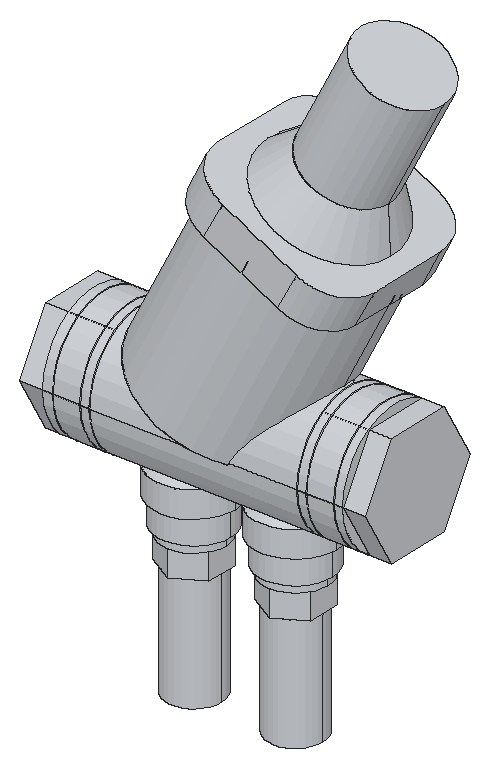
Revit family "Sigma_Compact_DN015_HF_RFA_2018", category Pipe Accessories, Revit 2018
Family settings
  Round Connector Dimension = Use Diameter
  Part Type = Valve - Breaks Into
  Work Plane-Based = No
  Always vertical = Yes
  Cut with Voids When Loaded = No
  Shared = No
Parameters (values of type "Sigma Compact DN 15 HF s měřením")
  magiProductId = "5720d023926c42d59d57912da161fc"
  magiProductFamilyId = "bfb31f54e1b64d079baf8cac8e8d7b"
  magiPartTypeId = 304
  isMeasuringValve [instance] = no
  ang2D [instance] = 0.00°
  Z6 = 26.1 mm
  Z5 = 60.9 mm
  Z4 = 52.2 mm
  Z3 = 8.7 mm
  Z2 = 43.5 mm
  XR2 = 25 mm
  XR1 = 13 mm
  W2D = 15 mm
  VersionID = "2.0/2018.12.13.2/FRESE_SIGMA_PLUG_Q13_001"
  Use Minimum Symbol Size [instance] = no
  URL = "www.hydronic.cz"
  Type Comments = "závitový; vnitřní závit; PN25; max dp=400kPa; -10~+120°C; max uzavírací tlak 1MPa"
  R4 = 15 mm
  R3 = 10 mm
  R2 = 14 mm
  R1 = 19 mm
  QmdConnectorList = "301;D;302;D"
  Productdata [instance] = ""
  NL__ve = -NL  # -15 mm
  NL = 15 mm
  Manufacturer = "Hydronic Systems Prague s.r.o."
  MC Use Limits From Balancing Method = no
  MC Throttling Minimum Value = 0
  MC Throttling Maximum Value = 0
  MC Product Code = "53-2201 DN15 FF s měřením; (60-1080 l/h); kvs=2,6"
  MC Pressure Drop Minimum Value = 0.0 Pa
  MC Pressure Drop Maximum Value = 0.0 Pa
  MC Piping Given Pressure Drop [instance] = 0.0 Pa
  M5 = 32.5 mm
  M4 = 30.5 mm
  M3 = 24.5 mm
  M2 = 22.5 mm
  LP = 37.5 mm
  LM = 45 mm
  LL__ve = -LL  # -5.7 mm
  LLT__ve = -LLT  # -14.9 mm
  LLT = 14.9 mm
  LLL = 11 mm
  LL3 = 41 mm
  LL2 = 32 mm
  LL = 5.7 mm
  L3 = 11 mm
  L2D_Min = 30.48 mm
  L2D = 65 mm
  Description = "Automatický vyvažovací ventil"
  DR1 = no
  DR0 = yes
  DL2 = 66 mm
  D = 15 mm
  CenSd_R2_6 = R2 * cos(30.00°)  # 12.124 mm
  CAT0 = yes
  C0D1 = no
  C0D0 = yes
Types (3, lengths in mm): name | magiProductId | Z6 | Z5 | Z4 | Z3 | Z2 | R2 | NL__ve | NL | MC Product Code | M5 | M4 | M3 | M2 | LP | LM | LL__ve | LLT__ve | LLT | LLL | LL2 | LL | D | CenSd_R2_6
  Sigma Compact DN 15 HF s měřením | "5720d023926c42d59d57912da161fc" | 26.1 | 60.9 | 52.2 | 8.7 | 43.5 | 14 | -15 | 15 | "53-2201 DN15 FF s měřením; (60-1080 l/h); kvs=2,6" | 32.5 | 30.5 | 24.5 | 22.5 | 37.5 | 45 | -5.7 | -14.9 | 14.9 | 11 | 32 | 5.7 | 15 | 12.124
  Sigma Compact DN 20 HF s měřením | "71a172a3e93b42a69d546b1c4edcaf" | 26.1 | 60.9 | 52.2 | 8.7 | 43.5 | 14 | -15.8 | 15.8 | "53-2203 DN20 FF s měřením; (102-1930 l/h); kvs=4,0" | 33.7 | 31.7 | 25.7 | 23.7 | 39.5 | 47.4 | -5.7 | -14.9 | 14.9 | 11 | 32 | 5.7 | 20 | 12.124
  Sigma Compact DN 25 HF s měřením | "e5e5fa70e5f44115b8324bb7a2a437" | 27 | 63 | 54 | 9 | 45 | 18 | -16.6 | 16.6 | "53-2209 DN25 FF s měřením; (137-2400 l/h); kvs=4,2" | 34.9 | 32.9 | 26.9 | 24.9 | 41.5 | 49.8 | -5.9 | -16.3 | 16.3 | 9 | 34 | 5.9 | 25 | 15.588
Reference planes
  plane 1 "Center (Front/Back)": y = 0
  plane 2 "XYPLANE": z = 0
  plane 3 "Center (Left/Right)": x = 0
  plane 4 "408": x = 37.5
  plane 5 "407": x = -37.5
  plane 6 "404": z = -35.3
  plane 7 "403": z = -41
  plane 8 "402": z = -66
  plane 9 "213": x = -11
  plane 10 "168": z = -10.9
  plane 11 "167": z = -12.9
  plane 12 "166": z = -18.6
  plane 13 "165": z = -24.3
  plane 14 "164": z = -26.3
  plane 15 "154": z = 0
  plane 16 "152": y = 0
  plane 17 "151": z = -32
  plane 18 "150": x = 11
  plane 19 "75": through (318.218, 0, 679.605) normal (0.891, 0, -0.454)
  plane 20 "74": x = 32.5
  plane 21 "73": x = 30.5
  plane 22 "72": x = 24.5
  plane 23 "71": x = 22.5
  plane 24 "70": x = -32.5
  plane 25 "69": x = -30.5
  plane 26 "68": x = -24.5
  plane 27 "67": y = 0
  plane 28 "66": through (-666.893, 0, 343.166) normal (0.454, 0, 0.891)
  plane 29 "65": x = -22.5
  plane 30 "64": through (335.147, 0, 670.979) normal (0.891, 0, -0.454)
  plane 31 "63": through (-648.506, 0, 379.252) normal (0.454, 0, 0.891)
  plane 32 "62": through (352.076, 0, 662.353) normal (0.891, 0, -0.454)
  plane 33 "61": y = 19
  plane 34 "60": y = -19
  plane 35 "59": through (-644.557, 0, 387.003) normal (0.454, 0, 0.891)
  plane 36 "58": through (-640.607, 0, 394.755) normal (0.454, 0, 0.891)
  plane 37 "56": x = 0
  plane 38 "55": through (-668.255, 0, 340.493) normal (0.454, 0, 0.891)
  plane 39 "102XY": through (-668.255, 0, 340.493) normal (0.454, 0, 0.891)
  plane 40 "102XZ": y = 0
  plane 41 "102YZ": through (340.493, 0, 668.255) normal (0.891, 0, -0.454)
Forms (mm)
  Extrusion 1, solid
    sketch origin (37.5, -750, 0) x (0, 1, 0) y (0, 0, 1)
      loop
        line (764, 0) -> (757, 12.124) -> (743, 12.124) -> (736, 0) -> (743, -12.124) -> (757, -12.124) -> (764, 0)
    from 0 to -15 <- "NL__ve"
  Extrusion 2, solid
    sketch origin (-37.5, -750, 0) x (0, 1, 0) y (0, 0, 1)
      loop
        line (736, 0) -> (743, -12.124) -> (757, -12.124) -> (764, 0) -> (757, 12.124) -> (743, 12.124) -> (736, 0)
    from 0 to 15 <- "NL"
  Extrusion 3, solid, visible <- "C0D1"
    sketch origin (-750, 0, -66) x (1, 0, 0) y (0, 1, 0)
      loop
        circle (739, 0) r 7
    from 0 to 50
  Extrusion 4, solid, visible <- "DR1"
    sketch origin (-750, 0, -35.3) x (1, 0, 0) y (0, 1, 0)
      loop
        line (739, -8) -> (745.928, -4) -> (745.928, 4) -> (739, 8) -> (732.072, 4) -> (732.072, -4) -> (739, -8)
    from 0 to -5.7 <- "LL__ve"
  Extrusion 5, solid, visible <- "DR1"
    sketch origin (-750, 0, -35.3) x (1, 0, 0) y (0, 1, 0)
      loop
        circle (739, 0) r 8
    from 0 to 11 <- "LLL"
  Extrusion 6, solid, visible <- "DR1"
    sketch origin (-750, 0, -24.3) x (1, 0, 0) y (0, 1, 0)
      loop
        circle (739, 0) r 9
    from 0 to 5.7 <- "LL"
  Extrusion 7, solid, visible <- "DR1"
    sketch origin (-750, 0, -18.6) x (1, 0, 0) y (0, 1, 0)
      loop
        circle (739, 0) r 10
    from 0 to 5.7 <- "LL"
  Blend 8, solid, visible <- "DR1"
    base sketch origin (-750, 0, -10.9) x (1, 0, 0) y (0, 1, 0)
      loop
        circle (739, 0) r 7.5
    top sketch origin (-750, 0, -10.9) x (1, 0, 0) y (0, 1, 0)
      loop
        circle (739, 0) r 10
    from 0 to -2
  Extrusion 9, solid, visible <- "DR1"
    sketch origin (-750, 0, 0) x (1, 0, 0) y (0, 1, 0)
      loop
        circle (739, 0) r 7.5
    from 0 to -14.9 <- "LLT__ve"
  Extrusion 10, solid, visible <- "C0D0"
    sketch origin (-750, 0, -32) x (1, 0, 0) y (0, 1, 0)
      loop
        circle (739, 0) r 6
    from 0 to -25
  Extrusion 11, solid, visible <- "DR0"
    sketch origin (-750, 0, -26.3) x (1, 0, 0) y (0, 1, 0)
      loop
        line (739, -7) -> (745.062, -3.5) -> (745.062, 3.5) -> (739, 7) -> (732.938, 3.5) -> (732.938, -3.5) -> (739, -7)
    from 0 to -5.7 <- "LL__ve"
  Extrusion 12, solid, visible <- "DR0"
    sketch origin (-750, 0, -26.3) x (1, 0, 0) y (0, 1, 0)
      loop
        circle (739, 0) r 7
    from 0 to 2
  Extrusion 13, solid, visible <- "DR0"
    sketch origin (-750, 0, -18.6) x (1, 0, 0) y (0, 1, 0)
      loop
        circle (739, 0) r 9
    from 0 to 5.7 <- "LL"
  Blend 14, solid, visible <- "DR0"
    base sketch origin (-750, 0, -10.9) x (1, 0, 0) y (0, 1, 0)
      loop
        circle (739, 0) r 6.5
    top sketch origin (-750, 0, -10.9) x (1, 0, 0) y (0, 1, 0)
      loop
        circle (739, 0) r 9
    from 0 to -2
  Extrusion 15, solid, visible <- "DR0"
    sketch origin (-750, 0, 0) x (1, 0, 0) y (0, 1, 0)
      loop
        circle (739, 0) r 6.5
    from 0 to -14.9 <- "LLT__ve"
  Extrusion 16, solid, visible <- "DR0"
    sketch origin (-750, 0, 0) x (1, 0, 0) y (0, 1, 0)
      loop
        circle (739, 0) r 6.5
    from 0 to -14.9 <- "LLT__ve"
  Blend 17, solid, visible <- "DR0"
    base sketch origin (-750, 0, -10.9) x (1, 0, 0) y (0, 1, 0)
      loop
        circle (739, 0) r 6.5
    top sketch origin (-750, 0, -10.9) x (1, 0, 0) y (0, 1, 0)
      loop
        circle (739, 0) r 9
    from 0 to -2
  Extrusion 18, solid, visible <- "DR0"
    sketch origin (-750, 0, -18.6) x (1, 0, 0) y (0, 1, 0)
      loop
        circle (739, 0) r 9
    from 0 to 5.7 <- "LL"
  Extrusion 19, solid, visible <- "DR0"
    sketch origin (-750, 0, -24.3) x (1, 0, 0) y (0, 1, 0)
      loop
        circle (739, 0) r 8
    from 0 to 5.7 <- "LL"
  Extrusion 20, solid, visible <- "DR0"
    sketch origin (-750, 0, -26.3) x (1, 0, 0) y (0, 1, 0)
      loop
        circle (739, 0) r 7
    from 0 to 2
  Extrusion 21, solid, visible <- "DR0"
    sketch origin (-750, 0, -26.3) x (1, 0, 0) y (0, 1, 0)
      loop
        line (739, -7) -> (745.062, -3.5) -> (745.062, 3.5) -> (739, 7) -> (732.938, 3.5) -> (732.938, -3.5) -> (739, -7)
    from 0 to -5.7 <- "LL__ve"
  Extrusion 22, solid, visible <- "C0D0"
    sketch origin (-750, 0, -32) x (1, 0, 0) y (0, 1, 0)
      loop
        circle (739, 0) r 6
    from 0 to -25
  Extrusion 23, solid, visible <- "CAT0"
    sketch origin (-750, 0, -32) x (1, 0, 0) y (0, 1, 0)
      loop
        circle (761, 0) r 6
    from 0 to -25
  Extrusion 24, solid
    sketch origin (-750, 0, -26.3) x (1, 0, 0) y (0, 1, 0)
      loop
        line (761, -7) -> (767.062, -3.5) -> (767.062, 3.5) -> (761, 7) -> (754.938, 3.5) -> (754.938, -3.5) -> (761, -7)
    from 0 to -5.7 <- "LL__ve"
  Extrusion 25, solid
    sketch origin (-750, 0, -26.3) x (1, 0, 0) y (0, 1, 0)
      loop
        circle (761, 0) r 7
    from 0 to 2
  Extrusion 26, solid
    sketch origin (-750, 0, -24.3) x (1, 0, 0) y (0, 1, 0)
      loop
        circle (761, 0) r 8
    from 0 to 5.7 <- "LL"
  Extrusion 27, solid
    sketch origin (-750, 0, -18.6) x (1, 0, 0) y (0, 1, 0)
      loop
        circle (761, 0) r 9
    from 0 to 5.7 <- "LL"
  Blend 28, solid
    base sketch origin (-750, 0, -10.9) x (1, 0, 0) y (0, 1, 0)
      loop
        circle (761, 0) r 6.5
    top sketch origin (-750, 0, -10.9) x (1, 0, 0) y (0, 1, 0)
      loop
        circle (761, 0) r 9
    from 0 to -2
  Extrusion 29, solid
    sketch origin (-750, 0, 0) x (1, 0, 0) y (0, 1, 0)
      loop
        circle (761, 0) r 6.5
    from 0 to -14.9 <- "LLT__ve"
  Blend 30, solid, visible <- "CAT0"
    base sketch origin (30.5, -750, 0) x (0, 1, 0) y (0, 0, 1)
      loop
        circle (750, 0) r 14
    top sketch origin (30.5, -750, 0) x (0, 1, 0) y (0, 0, 1)
      loop
        circle (750, 0) r 14
    from 0 to 2
  Extrusion 31, solid, visible <- "CAT0"
    sketch origin (24.5, -750, 0) x (0, 1, 0) y (0, 0, 1)
      loop
        circle (750, 0) r 14
    from 0 to 6
  Blend 32, solid, visible <- "CAT0"
    base sketch origin (22.5, -750, 0) x (0, 1, 0) y (0, 0, 1)
      loop
        circle (750, 0) r 14
    top sketch origin (22.5, -750, 0) x (0, 1, 0) y (0, 0, 1)
      loop
        circle (750, 0) r 14
    from 0 to 2
  Blend 33, solid, visible <- "CAT0"
    base sketch origin (-30.5, -750, 0) x (0, 1, 0) y (0, 0, 1)
      loop
        circle (750, 0) r 14
    top sketch origin (-30.5, -750, 0) x (0, 1, 0) y (0, 0, 1)
      loop
        circle (750, 0) r 14
    from 0 to -2
  Extrusion 34, solid, visible <- "CAT0"
    sketch origin (-30.5, -750, 0) x (0, 1, 0) y (0, 0, 1)
      loop
        circle (750, 0) r 14
    from 0 to 6
  Blend 35, solid, visible <- "CAT0"
    base sketch origin (-24.5, -750, 0) x (0, 1, 0) y (0, 0, 1)
      loop
        circle (750, 0) r 14
    top sketch origin (-24.5, -750, 0) x (0, 1, 0) y (0, 0, 1)
      loop
        circle (750, 0) r 14
    from 0 to 2
  Extrusion 36, solid, visible <- "CAT0"
    sketch origin (-22.5, -750, 0) x (0, 1, 0) y (0, 0, 1)
      loop
        circle (750, 0) r 14
    from 0 to 45 <- "LM"
  Extrusion 37, solid, visible <- "CAT0"
    sketch origin (-666.893, 0, 343.166) x (0.891007, 0, -0.45399) y (0, 1, 0)
      loop
        circle (744, 0) r 19
    from 0 to 43.5 <- "Z2"
  Extrusion 38, solid, visible <- "CAT0"
    sketch origin (-648.506, 0, 379.252) x (0.891007, 0, -0.45399) y (0, 1, 0)
      loop
        arc (735, 19) -> (727.929, 16.071) -> (725, 9) r 10
        line (725, 9) -> (725, -9)
        arc (725, -9) -> (727.929, -16.071) -> (735, -19) r 10
        line (735, -19) -> (753, -19)
        arc (753, -19) -> (760.071, -16.071) -> (763, -9) r 10
        line (763, -9) -> (763, 9)
        arc (763, 9) -> (760.071, 16.071) -> (753, 19) r 10
        line (753, 19) -> (735, 19)
    from 0 to 8.7 <- "Z3"
  Blend 39, solid, visible <- "CAT0"
    base sketch origin (-644.557, 0, 387.003) x (0.891007, 0, -0.45399) y (0, 1, 0)
      loop
        circle (744, 0) r 15
    top sketch origin (-644.557, 0, 387.003) x (0.891007, 0, -0.45399) y (0, 1, 0)
      loop
        circle (744, 0) r 10
    from 0 to 8.7
  Extrusion 40, solid, visible <- "CAT0"
    sketch origin (-640.607, 0, 394.755) x (0.891007, 0, -0.45399) y (0, 1, 0)
      loop
        circle (744, 0) r 10
    from 0 to 26.1 <- "Z6"
  Blend 41, solid, visible <- "CAT0"
    base sketch origin (-668.255, 0, 340.493) x (0.891007, 0, -0.45399) y (0, 1, 0)
      loop
        circle (744, 0) r 15
    top sketch origin (-668.255, 0, 340.493) x (0.891007, 0, -0.45399) y (0, 1, 0)
      loop
        circle (744, 0) r 19
    from 0 to 3
  Extrusion 42, solid, not visible
    sketch origin (-32.5, -750, 0) x (0, 1, 0) y (0, 0, 1)
      loop
        circle (750, 0) r 10
    from 0 to 10
  Extrusion 43, solid, not visible
    sketch origin (32.5, -750, 0) x (0, 1, 0) y (0, 0, 1)
      loop
        circle (750, 0) r 10
    from 0 to -10
Lines and regions (mm)
  reference lines, not visible
    curve 1: circle (2, 2, 0) r 1 normal (0, 0, 1)
  reference lines
    curve 2: line (37.5, 0, 0) -> (37.5, -3.5, 6.062)
    curve 3: line (37.5, 0, 0) -> (37.5, -7, 0)
    curve 4: line (37.5, 0, 0) -> (37.5, -3.5, -6.062)
    curve 5: line (-37.5, 0, 0) -> (-37.5, 3.5, 6.062)
    curve 6: line (-37.5, 0, 0) -> (-37.5, 7, 0)
    curve 7: line (-37.5, 0, 0) -> (-37.5, 3.5, -6.062)
Dimensions and locks
  plane 1 "Center (Front/Back)" to curve 1 = 2 mm
  "LP": plane 37 "56" to plane 4 "408"
  "LP": plane 37 "56" to plane 5 "407"
  "LL": plane 7 "403" to plane 6 "404"
  "LL3": plane 2 "XYPLANE" to plane 7 "403"
  "DL2": plane 2 "XYPLANE" to plane 8 "402"
  "L3": plane 3 "Center (Left/Right)" to plane 9 "213"
  locked: plane 11 "167" to plane 10 "168" at 2
  "LL": plane 12 "166" to plane 11 "167"
  "LL": plane 13 "165" to plane 12 "166"
  locked: plane 14 "164" to plane 13 "165" at 2
  "LL": plane 17 "151" to plane 14 "164"
  locked: plane 2 "XYPLANE" to plane 15 "154"
  locked: plane 1 "Center (Front/Back)" to plane 16 "152"
  "LL2": plane 2 "XYPLANE" to plane 17 "151"
  "L3": plane 3 "Center (Left/Right)" to plane 18 "150"
  "XR2": plane 41 "102YZ" to plane 19 "75"
  "M5": plane 3 "Center (Left/Right)" to plane 20 "74"
  "M4": plane 3 "Center (Left/Right)" to plane 21 "73"
  "M3": plane 3 "Center (Left/Right)" to plane 22 "72"
  "M2": plane 3 "Center (Left/Right)" to plane 23 "71"
  "M5": plane 3 "Center (Left/Right)" to plane 24 "70"
  "M4": plane 3 "Center (Left/Right)" to plane 25 "69"
  "M3": plane 3 "Center (Left/Right)" to plane 26 "68"
  locked: plane 16 "152" to plane 27 "67"
  locked: plane 39 "102XY" to plane 28 "66" at 3
  "M2": plane 3 "Center (Left/Right)" to plane 29 "65"
  locked: plane 41 "102YZ" to plane 30 "64" at 6
  "Z2": plane 39 "102XY" to plane 31 "63"
  "XR1": plane 41 "102YZ" to plane 32 "62"
  "R1": plane 16 "152" to plane 33 "61"
  "R1": plane 16 "152" to plane 34 "60"
  "Z4": plane 39 "102XY" to plane 35 "59"
  "Z5": plane 39 "102XY" to plane 36 "58"
  locked: plane 3 "Center (Left/Right)" to plane 37 "56"
  locked: plane 39 "102XY" to plane 38 "55"
  "CenSd_R2_6": curve 2 to Extrusion 1 sketch curve  (x2)
  "CenSd_R2_6": curve 3 to Extrusion 1 sketch curve  (x2)
  "CenSd_R2_6": curve 4 to Extrusion 1 sketch curve  (x2)
  Extrusion 1 sketch curve to Extrusion 1 sketch curve = 0 mm  (x12)
  "CenSd_R2_6": curve 5 to Extrusion 2 sketch curve  (x2)
  "CenSd_R2_6": curve 6 to Extrusion 2 sketch curve  (x2)
  "CenSd_R2_6": curve 7 to Extrusion 2 sketch curve  (x2)
  Extrusion 2 sketch curve to Extrusion 2 sketch curve = 0 mm  (x12)
  Extrusion 4 sketch curve to Extrusion 4 sketch curve = 0 mm  (x12)
  Extrusion 11 sketch curve to Extrusion 11 sketch curve = 0 mm  (x12)
  Extrusion 21 sketch curve to Extrusion 21 sketch curve = 0 mm  (x12)
  Extrusion 24 sketch curve to Extrusion 24 sketch curve = 0 mm  (x12)
  Extrusion 38 sketch curve to Extrusion 38 sketch curve = 0 mm  (x16)
  "R2": radius of Blend 30 sketch curve  (x2)
  "R2": radius of Extrusion 31 sketch curve
  "R2": radius of Blend 32 sketch curve  (x2)
  "R2": radius of Blend 33 sketch curve  (x2)
  "R2": radius of Extrusion 34 sketch curve
  "R2": radius of Blend 35 sketch curve  (x2)
  "R2": radius of Extrusion 36 sketch curve
  "R1": radius of Extrusion 37 sketch curve
  radius of Extrusion 38 sketch curve = 10 mm  (x4)
  "R3": radius of Blend 39 sketch curve
  "R4": radius of Blend 39 sketch curve
  "R3": radius of Extrusion 40 sketch curve
  "R1": radius of Blend 41 sketch curve
  locked: curve 3 to curve 2 (angle 60.00°)
  locked: curve 4 to curve 3 (angle 60.00°)
  locked: curve 4 to curve 2 (angle 120.00°)
  locked: curve 6 to curve 5 (angle 60.00°)
  locked: curve 7 to curve 6 (angle 60.00°)
  locked: curve 7 to curve 5 (angle 120.00°)
  aligned and locked: level to plane 2 "XYPLANE"
  aligned and locked: plane 15 "154" to curve 4
  aligned and locked: curve 4 to plane 16 "152"
  aligned and locked: plane 15 "154" to curve 7
  aligned and locked: curve 7 to plane 16 "152"
  aligned and locked: plane 9 "213" to Extrusion 3 sketch curve
  aligned and locked: plane 16 "152" to Extrusion 3 sketch curve
  aligned and locked: plane 9 "213" to Extrusion 5 sketch curve
  aligned and locked: plane 16 "152" to Extrusion 5 sketch curve
  aligned and locked: plane 9 "213" to Extrusion 6 sketch curve
  aligned and locked: plane 16 "152" to Extrusion 6 sketch curve
  aligned and locked: plane 9 "213" to Extrusion 7 sketch curve
  aligned and locked: plane 16 "152" to Extrusion 7 sketch curve
  aligned and locked: plane 9 "213" to Blend 8 sketch curve  (x2)
  aligned and locked: plane 16 "152" to Blend 8 sketch curve  (x2)
  aligned and locked: Blend 8 to plane 11 "167"
  aligned and locked: plane 9 "213" to Extrusion 9 sketch curve
  aligned and locked: plane 16 "152" to Extrusion 9 sketch curve
  aligned and locked: plane 9 "213" to Extrusion 10 sketch curve
  aligned and locked: plane 16 "152" to Extrusion 10 sketch curve
  aligned and locked: plane 9 "213" to Extrusion 12 sketch curve
  aligned and locked: plane 16 "152" to Extrusion 12 sketch curve
  aligned and locked: plane 9 "213" to Extrusion 13 sketch curve
  aligned and locked: plane 16 "152" to Extrusion 13 sketch curve
  aligned and locked: plane 9 "213" to Blend 14 sketch curve  (x2)
  aligned and locked: plane 16 "152" to Blend 14 sketch curve  (x2)
  aligned and locked: Blend 14 to plane 11 "167"
  aligned and locked: plane 9 "213" to Extrusion 15 sketch curve
  aligned and locked: plane 16 "152" to Extrusion 15 sketch curve
  aligned and locked: plane 9 "213" to Extrusion 16 sketch curve
  aligned and locked: plane 16 "152" to Extrusion 16 sketch curve
  aligned and locked: plane 9 "213" to Blend 17 sketch curve  (x2)
  aligned and locked: plane 16 "152" to Blend 17 sketch curve  (x2)
  aligned and locked: Blend 17 to plane 11 "167"
  aligned and locked: plane 9 "213" to Extrusion 18 sketch curve
  aligned and locked: plane 16 "152" to Extrusion 18 sketch curve
  aligned and locked: plane 9 "213" to Extrusion 19 sketch curve
  aligned and locked: plane 16 "152" to Extrusion 19 sketch curve
  aligned and locked: plane 9 "213" to Extrusion 20 sketch curve
  aligned and locked: plane 16 "152" to Extrusion 20 sketch curve
  aligned and locked: plane 9 "213" to Extrusion 22 sketch curve
  aligned and locked: plane 16 "152" to Extrusion 22 sketch curve
  aligned and locked: plane 16 "152" to Extrusion 23 sketch curve
  aligned and locked: plane 18 "150" to Extrusion 23 sketch curve
  aligned and locked: plane 16 "152" to Extrusion 25 sketch curve
  aligned and locked: plane 18 "150" to Extrusion 25 sketch curve
  aligned and locked: plane 16 "152" to Extrusion 26 sketch curve
  aligned and locked: plane 18 "150" to Extrusion 26 sketch curve
  aligned and locked: plane 16 "152" to Extrusion 27 sketch curve
  aligned and locked: plane 18 "150" to Extrusion 27 sketch curve
  aligned and locked: plane 16 "152" to Blend 28 sketch curve  (x2)
  aligned and locked: plane 18 "150" to Blend 28 sketch curve  (x2)
  aligned and locked: Blend 28 to plane 11 "167"
  aligned and locked: plane 16 "152" to Extrusion 29 sketch curve
  aligned and locked: plane 18 "150" to Extrusion 29 sketch curve
  aligned and locked: plane 15 "154" to Blend 30 sketch curve  (x2)
  aligned and locked: Blend 30 sketch curve to plane 16 "152"  (x2)
  aligned and locked: plane 20 "74" to Blend 30
  aligned and locked: plane 15 "154" to Extrusion 31 sketch curve
  aligned and locked: Extrusion 31 sketch curve to plane 16 "152"
  aligned and locked: plane 15 "154" to Blend 32 sketch curve  (x2)
  aligned and locked: Blend 32 sketch curve to plane 16 "152"  (x2)
  aligned and locked: plane 22 "72" to Blend 32
  aligned and locked: plane 15 "154" to Blend 33 sketch curve  (x2)
  aligned and locked: Blend 33 sketch curve to plane 16 "152"  (x2)
  aligned and locked: Blend 33 to plane 24 "70"
  aligned and locked: plane 15 "154" to Extrusion 34 sketch curve
  aligned and locked: Extrusion 34 sketch curve to plane 16 "152"
  aligned and locked: plane 15 "154" to Blend 35 sketch curve  (x2)
  aligned and locked: Blend 35 sketch curve to plane 16 "152"  (x2)
  aligned and locked: plane 29 "65" to Blend 35
  aligned and locked: plane 15 "154" to Extrusion 36 sketch curve
  aligned and locked: Extrusion 36 sketch curve to plane 16 "152"
  aligned and locked: plane 27 "67" to Extrusion 37 sketch curve
  aligned and locked: Extrusion 37 sketch curve to plane 30 "64"
  aligned and locked: Extrusion 38 sketch curve to plane 19 "75"
  aligned and locked: Extrusion 38 sketch curve to plane 34 "60"
  aligned and locked: Extrusion 38 sketch curve to plane 32 "62"
  aligned and locked: plane 33 "61" to Extrusion 38 sketch curve
  aligned and locked: plane 27 "67" to Blend 39 sketch curve  (x2)
  aligned and locked: Blend 39 sketch curve to plane 30 "64"  (x2)
  aligned and locked: plane 36 "58" to Blend 39
  aligned and locked: plane 27 "67" to Extrusion 40 sketch curve
  aligned and locked: Extrusion 40 sketch curve to plane 30 "64"
  aligned and locked: plane 27 "67" to Blend 41 sketch curve  (x2)
  aligned and locked: Blend 41 sketch curve to plane 30 "64"  (x2)
  aligned and locked: plane 28 "66" to Blend 41
  aligned and locked: plane 15 "154" to Extrusion 42 sketch curve
  aligned and locked: Extrusion 42 sketch curve to plane 16 "152"
  aligned and locked: plane 15 "154" to Extrusion 43 sketch curve
  aligned and locked: Extrusion 43 sketch curve to plane 16 "152"
Automatic sketch dimensions
  plane 29 "65" to Extrusion 3 sketch curve = 4.5 mm
  Extrusion 4 sketch curve to plane 9 "213" = 0 mm  (x2)
  plane 29 "65" to Extrusion 4 sketch curve = 4.572 mm
  Extrusion 4 sketch curve to plane 3 "Center (Left/Right)" = 4.072 mm
  plane 1 "Center (Front/Back)" to Extrusion 4 sketch curve = 8 mm
  plane 1 "Center (Front/Back)" to Extrusion 4 sketch curve = 4 mm  (x2)
  Extrusion 4 sketch curve to plane 1 "Center (Front/Back)" = 4 mm  (x2)
  Extrusion 4 sketch curve to Extrusion 4 sketch curve = 4 mm
  plane 29 "65" to Extrusion 5 sketch curve = 3.5 mm
  plane 29 "65" to Extrusion 6 sketch curve = 2.5 mm
  plane 29 "65" to Extrusion 7 sketch curve = 1.5 mm
  plane 29 "65" to Blend 8 sketch curve = 4 mm
  plane 29 "65" to Blend 8 sketch curve = 1.5 mm
  plane 29 "65" to Extrusion 9 sketch curve = 4 mm
  plane 29 "65" to Extrusion 10 sketch curve = 5.5 mm
  Extrusion 11 sketch curve to plane 9 "213" = 0 mm  (x2)
  plane 29 "65" to Extrusion 11 sketch curve = 5.438 mm
  Extrusion 11 sketch curve to plane 3 "Center (Left/Right)" = 4.938 mm
  plane 1 "Center (Front/Back)" to Extrusion 11 sketch curve = 7 mm
  plane 1 "Center (Front/Back)" to Extrusion 11 sketch curve = 3.5 mm  (x2)
  Extrusion 11 sketch curve to plane 1 "Center (Front/Back)" = 3.5 mm  (x2)
  Extrusion 11 sketch curve to Extrusion 11 sketch curve = 3.5 mm
  plane 29 "65" to Extrusion 12 sketch curve = 4.5 mm
  plane 29 "65" to Extrusion 13 sketch curve = 2.5 mm
  plane 29 "65" to Blend 14 sketch curve = 5 mm
  plane 29 "65" to Blend 14 sketch curve = 2.5 mm
  plane 29 "65" to Extrusion 15 sketch curve = 5 mm
  plane 29 "65" to Extrusion 16 sketch curve = 5 mm
  plane 29 "65" to Blend 17 sketch curve = 5 mm
  plane 29 "65" to Blend 17 sketch curve = 2.5 mm
  plane 29 "65" to Extrusion 18 sketch curve = 2.5 mm
  plane 29 "65" to Extrusion 19 sketch curve = 3.5 mm
  plane 29 "65" to Extrusion 20 sketch curve = 4.5 mm
  Extrusion 21 sketch curve to plane 9 "213" = 0 mm  (x2)
  plane 29 "65" to Extrusion 21 sketch curve = 5.438 mm
  Extrusion 21 sketch curve to plane 3 "Center (Left/Right)" = 4.938 mm
  plane 1 "Center (Front/Back)" to Extrusion 21 sketch curve = 7 mm
  plane 1 "Center (Front/Back)" to Extrusion 21 sketch curve = 3.5 mm  (x2)
  Extrusion 21 sketch curve to plane 1 "Center (Front/Back)" = 3.5 mm  (x2)
  Extrusion 21 sketch curve to Extrusion 21 sketch curve = 3.5 mm
  plane 29 "65" to Extrusion 22 sketch curve = 5.5 mm
  plane 3 "Center (Left/Right)" to Extrusion 23 sketch curve = 5 mm
  Extrusion 24 sketch curve to plane 18 "150" = 0 mm  (x2)
  plane 3 "Center (Left/Right)" to Extrusion 24 sketch curve = 4.938 mm
  Extrusion 24 sketch curve to plane 23 "71" = 5.438 mm
  plane 1 "Center (Front/Back)" to Extrusion 24 sketch curve = 7 mm
  plane 1 "Center (Front/Back)" to Extrusion 24 sketch curve = 3.5 mm  (x2)
  Extrusion 24 sketch curve to plane 1 "Center (Front/Back)" = 3.5 mm  (x2)
  Extrusion 24 sketch curve to Extrusion 24 sketch curve = 3.5 mm
  plane 3 "Center (Left/Right)" to Extrusion 25 sketch curve = 4 mm
  plane 3 "Center (Left/Right)" to Extrusion 26 sketch curve = 3 mm
  plane 3 "Center (Left/Right)" to Extrusion 27 sketch curve = 2 mm
  plane 3 "Center (Left/Right)" to Blend 28 sketch curve = 4.5 mm
  plane 3 "Center (Left/Right)" to Blend 28 sketch curve = 2 mm
  plane 3 "Center (Left/Right)" to Extrusion 29 sketch curve = 4.5 mm
  plane 19 "75" to Blend 41 sketch curve = 4 mm
  plane 34 "60" to Extrusion 42 sketch curve = 9 mm
  plane 34 "60" to Extrusion 43 sketch curve = 9 mm
  plane 3 "Center (Left/Right)" to curve 1 = 2 mm
  radius of curve 1 = 1 mm
Connectors
  piping at (-32.5, 0, 0), diameter 15, driven by "D"
    settings: on Extrusion 42, index 1, connector inside diameter 609.6 mm, connector length 0 mm, flow factor 0, pipe flow 0.0 L/s, pressure drop 0.0 Pa, fitting loss kfactor 0, connector angle 0.00°, fixture units 0, engagement length 0 mm, angle of deflection 0.00°, flow configuration 0, flow direction 0, fitting loss method 0, system type 29, joint type 0, gender type 0, connector reference index 2, connector utility 0, adjustable connector no, is connector primary yes, connector description ""
  piping at (32.5, 0, 0), diameter 15, driven by "D"
    settings: on Extrusion 43, index 2, connector inside diameter 609.6 mm, connector length 0 mm, flow factor 0, pipe flow 0.0 L/s, pressure drop 0.0 Pa, fitting loss kfactor 0, connector angle 0.00°, fixture units 0, engagement length 0 mm, angle of deflection 0.00°, flow configuration 0, flow direction 0, fitting loss method 0, system type 29, joint type 0, gender type 0, connector reference index 1, connector utility 0, adjustable connector no, is connector primary no, connector description ""
